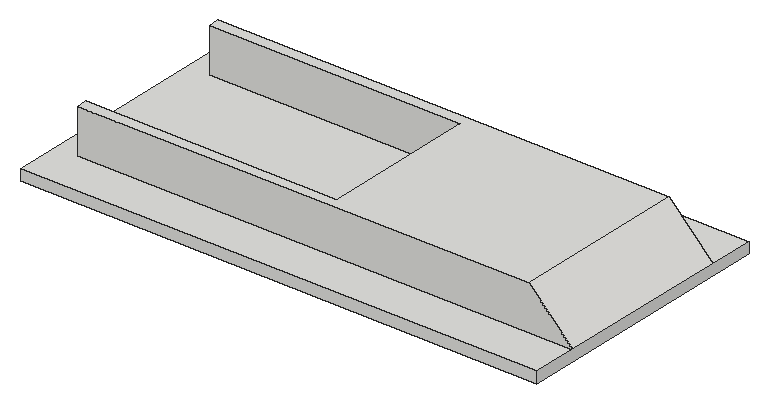
Revit family "Restraints_Serco_SL-Manual-Wall", category Generic Models, host Face, Revit 2026
Family settings
  Host = Face
  Can host rebar = No
  Round Connector Dimension = Use Diameter
  Part Type = Normal
  Cut with Voids When Loaded = No
  Maintain Annotation Orientation = No
  Shared = No
  Room Calculation Point = No
Parameters (values of type "No Standoff")
  URL = "https://sercoentrematic.com/"
  Type Comments = "Wall Mount"
  StandOff = 0' - 0"
  Model = "SL10, SL20, SL40"
  Manufacturer = "Serco Entrematic"
  Description = "Manual Vehicle Restraint"
  Default Elevation = 4' - 0"
  BPlateHeight = 1' - 11 1/2"
Types (9): name | StandOff | BPlateHeight
  (no name) | 0' - 0" | 1' - 11 1/2"
  No Standoff | 0' - 0" | 1' - 11 1/2"
  No Standoff, Max. Cut-Down | 0' - 0" | 1' - 5"
  2" Standoff | 0' - 2" | 1' - 11 1/2"
  2" Standoff, Max. Cut-Down | 0' - 2" | 1' - 5"
  12" Standoff | 1' - 0" | 1' - 11 1/2"
  12" Standoff, Max. Cut-Down | 1' - 0" | 1' - 5"
  14" Standoff | 1' - 2" | 1' - 11 1/2"
  14" Standoff, Max. Cut-Down | 1' - 2" | 1' - 5"
Reference planes (in)
  plane 1 "Center (Front/Back)": y = 0
  plane 2: z = 0
  plane 3 "Center (Left/Right)": x = 0
  plane 4: x = 0.09571
  plane 5: x = 1.09571
  plane 6: z = 0
  plane 7: y = 6
  plane 8: y = -6
  plane 9: x = 23.59571
  plane 10: z = 0.5
  plane 11: z = 2.5
  plane 12: x = 21.59571
  plane 13: through (23.79785, -180, 0.29785) normal (-0.7071, 0, -0.7071)
  plane 14: y = 4
  plane 15: y = -4
  plane 16: y = 3.5
  plane 17: y = -3.5
  plane 18: x = 12.5
Forms (in)
  Extrusion 1, solid, material "Steel"
    sketch origin (0, 0, 0) x (1, 0, 0) y (0, 0, 1)
      loop
        line (0.09571, 0.5) -> (0.09571, 0) -> (23.59571, 0) -> (23.59571, 0.5) -> (0.09571, 0.5)
    from -6 to 6
  Extrusion 2, solid, material "Steel"
    sketch origin (0, 0, 0) x (1, 0, 0) y (0, 0, 1)
      loop
        line (1.09571, 2.5) -> (1.09571, 0.5) -> (23.59571, 0.5) -> (21.59571, 2.5) -> (1.09571, 2.5)
    from -4 to 4
  Extrusion 3, void
    sketch origin (0, 0, 0) x (1, 0, 0) y (0, 1, 0)
      loop
        line (1.09571, 3.5) -> (1.09571, -3.5) -> (12.5, -3.5) -> (12.5, 3.5) -> (1.09571, 3.5)
    from 0.5 to 2.5
Cuts and joins
  Extrusion 3 cuts Extrusion 1
  Extrusion 3 cuts Extrusion 2
Dimensions and locks (in)
  plane 4 to plane 3 "Center (Left/Right)" = 0' - 0.09571"
  locked: plane 5 to plane 4 at 1
  equal spacing: plane 7, plane 1 "Center (Front/Back)", plane 8
  locked: plane 7 to plane 8 at 12
  "BPlateHeight": plane 9 to plane 4
  locked: plane 10 to plane 6 at 0.5
  "StandOff": plane 6 to level
  equal spacing: plane 14, plane 1 "Center (Front/Back)", plane 15
  locked: plane 14 to plane 15 at 8
  locked: plane 17 to plane 15 at 0.5
  locked: plane 11 to plane 10 at 2
  locked: plane 9 to plane 12 at 2
  locked: plane 14 to plane 16 at 0.5
  locked: plane 13 to Extrusion 1 (angle 45.00°)
  aligned and locked: plane 2 to host face
  aligned and locked: level to host face
  aligned and locked: Extrusion 1 sketch curve to plane 10
  aligned and locked: Extrusion 1 sketch curve to plane 4
  aligned and locked: level to Extrusion 1 sketch curve
  aligned and locked: Extrusion 1 sketch curve to plane 9
  aligned and locked: plane 7 to Extrusion 1
  aligned and locked: Extrusion 1 to plane 8
  aligned and locked: plane 5 to Extrusion 2 sketch curve
  aligned and locked: Extrusion 2 sketch curve to plane 10
  aligned and locked: Extrusion 2 sketch curve to plane 13
  aligned and locked: Extrusion 2 to plane 15
  aligned and locked: plane 11 to Extrusion 2 sketch curve
  aligned and locked: Extrusion 3 sketch curve to plane 5
  aligned and locked: plane 17 to Extrusion 3 sketch curve
  aligned and locked: Extrusion 3 sketch curve to plane 18
  aligned and locked: plane 11 to Extrusion 3
  aligned and locked: Extrusion 3 to plane 10
  aligned and locked: Extrusion 3 sketch curve to plane 16
  aligned and locked: plane 14 to Extrusion 2
  aligned and locked: plane 5 to import instance  (x2)
  aligned and locked: import instance to cut or joined group of Extrusion 1, Extrusion 3
Automatic sketch dimensions
  host sketch curve to host sketch curve = 8' - 0"  (x2)
